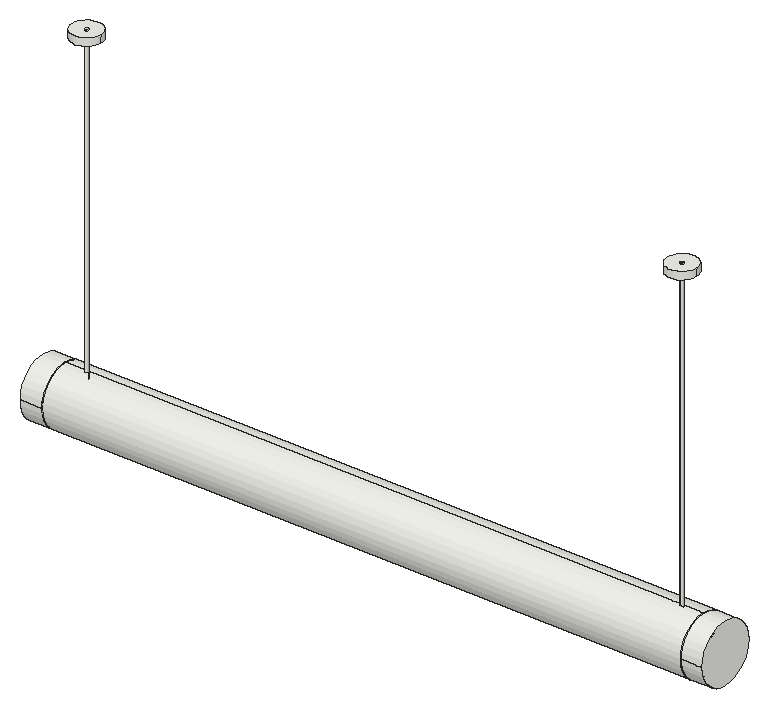
Revit family "M_Luminária de forro - Linear - 1 Lâmpada", category Luminárias, Revit 2019
Family settings
  Hospedeiro = Forro
  Cota do conector redondo = Utilizar diâmetro
  Tipo de parte = Normal
  Número OmniClass = 23.80.70.11.11
  Título OmniClass = General Luminaries, Non Directional
  ID de item do Seek = Pendant Light - Linear - 1 Lamp-0000-CAN-ENU
  Sempre na vertical = Sim
  Corte com vazios quando carregada = Não
  Fonte luminosa = Sim
  Compartilhado = Não
  Ponto de cálculo do ambiente = Não
Parameters (values of type "1200mm - 120V")
  Wattage = 40 W
  built-in parameter 1150110 = 1 (stored number, unit not read)
  built-in parameter 1114217 = 0.88 (stored number, unit not read)
  built-in parameter 1150109 = 1 (stored number, unit not read)
  built-in parameter 1150134 = 8
  built-in parameter 1150113 = 1 (stored number, unit not read)
  built-in parameter 1150115 = 1 (stored number, unit not read)
  built-in parameter 1150105 = 1002.7 (stored number, unit not read)
  Classificação de carga = Iluminação - Unidade de interrupção
  Light Source Symbol Size = 609.6 mm
  built-in parameter 1150137 = 1
  built-in parameter 1150139 = (empty or 0)
  built-in parameter 1150112 = 1 (stored number, unit not read)
  built-in parameter 1150114 = 1 (stored number, unit not read)
  Lâmpada = "T-12"
  built-in parameter 1150132 = (empty or 0)
  built-in parameter 1150102 = (empty or 0)
  built-in parameter 1150138 = (empty or 0)
  built-in parameter 1150107 = 4230 (stored number, unit not read)
  built-in parameter 1150106 = 10.027 (stored number, unit not read)
  Emitir do comprimento da linha = Comprimento de caixa de luz - 76 mm  # 1124 mm
  built-in parameter 1150104 = 7.3161 (stored number, unit not read)
  Dimming Lamp Color Temperature Shift = (empty or 0)
  Color Filter = 16777215
  built-in parameter 1140040 [instance] = 1
  Voltagem do transformador = 120 V
  Transformador por número de postes = 1
  built-in parameter 1114218 = 0.88 (stored number, unit not read)
  built-in parameter 1150133 = 10 (stored number, unit not read)
  Código de montagem = "D5020210"
  Material montado no forro = Aço, acabamento de pintura, marfim, com brilho
  Material do difusor = Vidro, Branco, Alta Luminosidade
  Comprimento de caixa de luz = 1200 mm
  Material do armário de luz = Aço, acabamento de pintura, marfim, com brilho
  Cair do forro = 640 mm
  Lumens = 3150 lm
  Apparent Load = 40 VA
Types (4, lengths in mm): name | Wattage | built-in parameter 1150105 | built-in parameter 1150106 | Emitir do comprimento da linha | built-in parameter 1150104 | Voltagem do transformador | Comprimento de caixa de luz | Cair do forro | Lumens | Apparent Load
  2400mm - 277V | 64 W | 1909.9 (stored number, unit not read) | 19.099 (stored number, unit not read) | 2324 | 8.7097 (stored number, unit not read) | 277 V | 2400 | 340 | 6000 lm | 64 VA
  2400mm - 120V | 64 W | 1909.9 (stored number, unit not read) | 19.099 (stored number, unit not read) | 2324 | 8.7097 (stored number, unit not read) | 120 V | 2400 | 340 | 6000 lm | 64 VA
  1200mm - 120V | 40 W | 1002.7 (stored number, unit not read) | 10.027 (stored number, unit not read) | 1124 | 7.3161 (stored number, unit not read) | 120 V | 1200 | 640 | 3150 lm | 40 VA
  1200mm - 277V | 40 W | 1002.7 (stored number, unit not read) | 10.027 (stored number, unit not read) | 1124 | 7.3161 (stored number, unit not read) | 277 V | 1200 | 640 | 3150 lm | 40 VA
Reference planes
  plane 1 "Eixo de origem da luz": y = 0
  plane 2 "Forro": z = 2438.4
  plane 3 "Eixo de origem da luz": x = 0
  plane 4 "Elevação da origem da luz": z = 1823.8
  plane 5: x = -600
  plane 6: x = 600
  plane 7: x = -523.8
  plane 8: x = 523.8
  plane 9: x = -523.888
  plane 10: x = 523.8
  plane 11: z = 2425.7
  plane 12: z = 1798.4
  plane 13: z = 1900
  plane 14: z = 1849.2
  plane 15: x = -561.9
  plane 16: x = 562.108
  plane 17: z = 1811.1
Forms (mm)
  Extrusion 1, solid, material "Aço, acabamento de pintura, marfim, com brilho" <- "Material montado no forro"
    sketch origin (0, 0, 1823.8) x (0, -1, 0) y (1, 0, 0)
      loop
        circle (0, -523.8) r 3.175
      loop
        circle (0, 523.8) r 3.175
    from 63.5 to 614.6
  Extrusion 2, solid, material "Aço, acabamento de pintura, marfim, com brilho" <- "Material montado no forro"
    sketch origin (0, 0, 0) x (1, 0, 0) y (0, 1, 0)
      loop
        circle (-523.888, 0) r 25.4
      loop
        circle (523.8, 0) r 25.4
    from 2425.7 to 2438.4
  Extrusion 3, solid, material "Aço, acabamento de pintura, marfim, com brilho" <- "Material do armário de luz"
    sketch origin (0, 0, 0) x (0, 1, 0) y (0, 0, 1)
      loop
        arc (0, 1900) -> (-49.069, 1862.348) -> (-25.4, 1805.206) r 50.8
        line (-25.4, 1805.206) -> (-25.4, 1836.5) -> (25.4, 1836.5) -> (25.4, 1805.206)
        arc (25.4, 1805.206) -> (49.069, 1862.348) -> (0, 1900) r 50.8
    from -561.9 to 562.108
  Extrusion 4, solid, material "Aço, acabamento de pintura, marfim, com brilho" <- "Material do armário de luz"
    sketch origin (-561.9, 0, 0) x (0, -1, 0) y (0, 0, 1)
      loop
        circle (0, 1849.2) r 50.812
    from 0 to 38.1
  Extrusion 5, solid, material "Aço, acabamento de pintura, marfim, com brilho" <- "Material do armário de luz"
    sketch origin (562.108, 0, 0) x (0, 1, 0) y (0, 0, 1)
      loop
        circle (0, 1849.2) r 50.8
    from 0 to 37.892
  Extrusion 6, solid, material "Vidro, Branco, Alta Luminosidade" <- "Material do difusor"
    sketch origin (0, 0, 0) x (1, 0, 0) y (0, 1, 0)
      loop
        line (-561.9, 25.4) -> (-561.9, -25.4) -> (562.108, -25.4) -> (562.108, 25.4) -> (-561.9, 25.4)
    from 1811.1 to 1823.8
Lines and regions (mm)
  symbolic lines
    curve 1: line (600, 63.5, 2438.4) -> (-600, 63.5, 2438.4)
    curve 2: line (600, -63.5, 2438.4) -> (600, 63.5, 2438.4)
    curve 3: line (-600, -63.5, 2438.4) -> (600, -63.5, 2438.4)
    curve 4: line (-600, 63.5, 2438.4) -> (-600, -63.5, 2438.4)
    curve 5: arc (-498.488, 0, 2438.4) -> (-523.888, 25.4, 2438.4) -> (-549.288, 0, 2438.4) r 25.4
    curve 6: arc (-549.288, 0, 2438.4) -> (-523.888, -25.4, 2438.4) -> (-498.488, 0, 2438.4) r 25.4
    curve 7: arc (498.4, 0, 2438.4) -> (523.8, -25.4, 2438.4) -> (549.2, 0, 2438.4) r 25.4
    curve 8: arc (549.2, 0, 2438.4) -> (523.8, 25.4, 2438.4) -> (498.4, 0, 2438.4) r 25.4
Dimensions and locks
  equal spacing: host sketch curve, plane 3 "Eixo de origem da luz", host sketch curve
  equal spacing: host sketch curve, plane 1 "Eixo de origem da luz", host sketch curve
  host sketch curve to host sketch curve = 3048 mm  (x2)
  "Comprimento de caixa de luz": plane 5 to plane 6
  equal spacing: plane 5, plane 3 "Eixo de origem da luz", plane 6
  locked: plane 5 to plane 7 at 76.2
  locked: plane 8 to plane 6 at 76.2
  locked: plane 5 to plane 9 at 76.112
  locked: plane 10 to plane 6 at 76.2
  plane 12 to plane 4 "Elevação da origem da luz" = 25.4 mm
  plane 12 to plane 13 = 101.6 mm
  equal spacing: plane 12, plane 14, plane 13
  locked: plane 5 to plane 15 at 38.1
  locked: plane 16 to plane 6 at 37.892
  locked: plane 2 "Forro" to plane 11 at 12.7
  locked: plane 4 "Elevação da origem da luz" to Extrusion 3 sketch curve at 12.7
  plane 17 to plane 4 "Elevação da origem da luz" = 12.7 mm
  "Cair do forro": plane 2 "Forro" to plane 12
  aligned and locked: plane 2 "Forro" to Extrusion 1
  aligned and locked: plane 2 "Forro" to Extrusion 2
  aligned and locked: plane 11 to Extrusion 2
  aligned and locked: plane 5 to curve 4
  aligned and locked: curve 5 to Extrusion 2
  aligned and locked: curve 7 to Extrusion 2
  aligned and locked: Extrusion 3 to plane 16
  aligned and locked: plane 15 to Extrusion 3
  aligned and locked: Extrusion 5 to plane 6
  aligned and locked: Extrusion 3 to Extrusion 6 sketch curve
  aligned and locked: Extrusion 6 sketch curve to Extrusion 3  (x3)
  aligned and locked: Extrusion 6 to plane 4 "Elevação da origem da luz"
  aligned and locked: Extrusion 6 to plane 17
  aligned and locked: plane 3 "Eixo de origem da luz" to imposter light
  aligned and locked: plane 1 "Eixo de origem da luz" to imposter light
  aligned and locked: plane 4 "Elevação da origem da luz" to imposter light
  aligned and locked: plane 1 "Eixo de origem da luz" to Extrusion 4 sketch curve
Automatic sketch dimensions
  Extrusion 1 sketch curve to plane 8 = 0 mm
  Extrusion 1 sketch curve to plane 7 = 0 mm
  Extrusion 1 sketch curve to plane 1 "Eixo de origem da luz" = 0 mm  (x2)
  Extrusion 1 sketch curve to plane 1 "Eixo de origem da luz" = 3.175 mm  (x2)
  Extrusion 2 sketch curve to plane 1 "Eixo de origem da luz" = 0 mm  (x2)
  Extrusion 2 sketch curve to plane 9 = 0 mm
  Extrusion 2 sketch curve to plane 10 = 0 mm
  Extrusion 2 sketch curve to plane 9 = 25.4 mm
  Extrusion 2 sketch curve to plane 10 = 25.4 mm
  curve 2 to plane 6 = 0 mm
  plane 1 "Eixo de origem da luz" to curve 3 = 63.5 mm
  curve 1 to plane 1 "Eixo de origem da luz" = 63.5 mm
  Extrusion 3 sketch curve to plane 1 "Eixo de origem da luz" = 0 mm
  Extrusion 3 sketch curve to plane 14 = 0 mm  (x2)
  plane 1 "Eixo de origem da luz" to Extrusion 3 sketch curve = 25.4 mm
  Extrusion 3 sketch curve to plane 1 "Eixo de origem da luz" = 25.4 mm
  Extrusion 3 sketch curve to plane 13 = 0 mm
  Extrusion 4 sketch curve to plane 14 = 0 mm
  Extrusion 4 sketch curve to plane 1 "Eixo de origem da luz" = 50.812 mm
  Extrusion 5 sketch curve to plane 14 = 0 mm
  Extrusion 5 sketch curve to plane 1 "Eixo de origem da luz" = 0 mm
  plane 1 "Eixo de origem da luz" to Extrusion 5 sketch curve = 50.8 mm
Connectors
  electrical at (0.104, 0, 1811.1), driven by "Apparent Load", driven by "Voltagem do transformador", driven by "Transformador por número de postes", driven by "Classificação de carga"
    settings: on Extrusion 6, index 1, voltage 120 V, apparent load 0 VA, apparent load phase1 40 VA, apparent load phase2 0 VA, apparent load phase3 0 VA, power factor 0.95, load classification "Iluminação - Unidade de interrupção", number of poles 1, system type 31, power factor state 1, is connector primary yes, connector utility no, sub classification motor no, connector description ""
